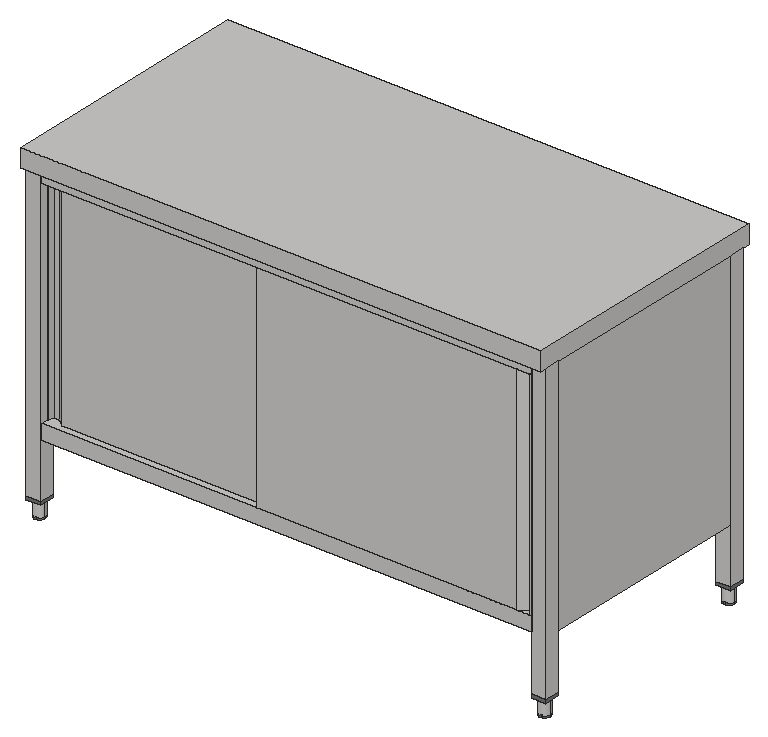
Revit family "QF_ELECTROLUXPROFESSIONAL_134041_GTND1400E", category Attrezzature speciali, Revit 2020
Family settings
  Quota connettore circolare = Usa diametro
  Tipo di parte = Normale
  Basato su piano di lavoro = No
  Sempre verticale = Sì
  Taglio con vuoti quando caricato = No
  Condiviso = No
  Punto di calcolo locali = No
Parameters (values of type "Standard")
  Weight = 78.50 kg
  Watts = 0 W
  Volts = 0 V
  URL Manufacturer = "https://www.electroluxprofessional.com/"
  URL = "https://www.electroluxprofessional.com/"
  Steam Supply Size = 0 mm
  Steam Supply Minimum Pressure = 0.0 Pa
  Steam Supply Maximum Pressure = 0.0 Pa
  Steam Consumption per Hour = 0
  Refrigeration Suction Line Size = 0.0 mm
  Refrigeration Liquid Line Size = 0.0 mm
  Refrigerant Compressor Remote = yes
  Prospetto di default = 0.0 mm
  Phase = 0
  Modello = "GTND1400E"
  Produttore = "Electrolux Professional"
  Length Actual = 1400.0 mm  # constant formula
  Item Number = "134041"
  Hot Water Size = 0 mm
  Height Actual = 900.0 mm  # constant formula
  HP = "0 HP"
  Gas Size = 0 mm
  Gas KW = 0
  Gas Input Pressure = 0 W
  Direct Waste Size = 0 mm
  Descrizione = "PASSTHRU WORKTOP CUPBOARD 1400 MM"
  Depth Actual = 700.0 mm  # constant formula
  Cycle = 0 Hz
  Condensate Return Size = 0 mm
  Compressed Air Volume = 0.0 L/s
  Compressed Air Size = 0 mm
  Compressed Air Pressure = 0.0 Pa
  Cold Water Size = 0 mm
  Accessory = yes
Reference planes
  plane 1 "Center (Front/Back)": y = 0
  plane 2: z = 0
  plane 3 "Center (Left/Right)": x = -200
  plane 4 "LEFT": x = -900
  plane 5 "RIGHT": x = 500
  plane 6 "BACK": y = 350
  plane 7 "FRONT": y = -350
  plane 8 "Base": z = 850
  plane 9 "TOP": z = 900
  plane 10: x = -880
  plane 11: x = 480
  plane 12: y = 310
  plane 13: y = -310
  plane 14 "BodyLeft": x = -900
  plane 15 "BodyFront": y = -330
  plane 16 "BodyRight": x = 500
  plane 17 "BodyBack": y = 330
  plane 18 "FEET": z = 200
  plane 19: x = -120
  plane 20: x = -280
Forms (mm)
  Extrusion 1, solid, material "QF_Finishes_Stainless Steel"
    sketch origin (-200, 0, 0) x (0, 1, 0) y (0, 0, 1)
      loop
        line (-350, 850) -> (350, 850) -> (350, 900) -> (-350, 900) -> (-350, 850)
    from 700 to -700
  Extrusion 2, solid, material "QF_Finishes_Stainless Steel"
    sketch origin (0, 0, 200) x (-1, 0, 0) y (0, -1, 0)
      loop
        line (900, -290) -> (900, 290) -> (860, 290) -> (860, -290) -> (900, -290)
      loop
        line (-460, -290) -> (-460, 290) -> (-500, 290) -> (-500, -290) -> (-460, -290)
    from 0 to 650
  Extrusion 3, solid, material "QF_Finishes_Stainless Steel"
    sketch origin (0, 0, 200) x (-1, 0, 0) y (0, -1, 0)
      loop
        line (860, -330) -> (860, 330) -> (-460, 330) -> (-460, -330) -> (860, -330)
    from 0 to 40
  Extrusion 4, solid, material "QF_Finishes_Stainless Steel"
    sketch origin (0, 0, 200) x (-1, 0, 0) y (0, -1, 0)
      loop
        line (-460, 330) -> (-460, 310) -> (280, 310) -> (280, 330) -> (-420, 330) -> (-440, 315) -> (-455, 315) -> (-455, 330) -> (-460, 330)
    from 40 to 620
  Extrusion 5, solid, material "QF_Finishes_Stainless Steel"
    sketch origin (0, 20, 200) x (1, 0, 0) y (0, 1, 0)
      loop
        line (-860, -330) -> (-855, -330) -> (-855, -315) -> (-840, -315) -> (-820, -330) -> (-120, -330) -> (-120, -310) -> (-860, -310) -> (-860, -330)
    from 40 to 620
  Extrusion 6, solid, material "QF_Finishes_Stainless Steel"
    sketch origin (0, 0, 200) x (-1, 0, 0) y (0, -1, 0)
      loop
        line (860, 290) -> (-460, 290) -> (-460, -290) -> (860, -290) -> (860, 290)
    from 350 to 390
  Extrusion 7, solid, material "QF_Finishes_Stainless Steel"
    sketch origin (0, 0, 200) x (-1, 0, 0) y (0, -1, 0)
      loop
        line (-460, -330) -> (-455, -330) -> (-455, -315) -> (-440, -315) -> (-420, -330) -> (280, -330) -> (280, -310) -> (-460, -310) -> (-460, -330)
    from 40 to 620
  Extrusion 8, solid, material "QF_Finishes_Stainless Steel"
    sketch origin (0, -20, 200) x (1, 0, 0) y (0, 1, 0)
      loop
        line (-860, 330) -> (-860, 310) -> (-120, 310) -> (-120, 330) -> (-820, 330) -> (-840, 315) -> (-855, 315) -> (-855, 330) -> (-860, 330)
    from 40 to 620
  Extrusion 9, solid, material "QF_Finishes_Stainless Steel"
    sketch origin (0, 0, 200) x (-1, 0, 0) y (0, -1, 0)
      loop
        line (860, -330) -> (860, 330) -> (-460, 330) -> (-460, -330) -> (860, -330)
    from 620 to 650
Lines and regions (mm)
  symbolic lines
    curve 1: line (500, 350, 900) -> (-900, 350, 900)
    curve 2: line (-900, 350, 900) -> (-900, -350, 900)
    curve 3: line (-900, -350, 900) -> (500, -350, 900)
    curve 4: line (500, -350, 900) -> (500, 350, 900)
  symbolic lines, style "SpecialityEquipmentHiddenLines"
    curve 5: line (-900, 330, 200) -> (500, 330, 200)
    curve 6: line (-900, -330, 200) -> (-900, 330, 200)
    curve 7: line (500, -330, 200) -> (-900, -330, 200)
    curve 8: line (500, 330, 200) -> (500, -330, 200)
    curve 9: line (-860, -290, 200) -> (-120, -290, 200)
    curve 10: line (-120, -290, 200) -> (-120, -310, 200)
    curve 11: line (-860, -310, 200) -> (460, -310, 200)
    curve 12: line (460, -310, 200) -> (460, -330, 200)
    curve 13: line (-280, -310, 200) -> (-280, -330, 200)
    curve 14: line (-860, -290, 200) -> (-860, -310, 200)
    curve 15: line (-120, 290, 200) -> (-120, 310, 200)
    curve 16: line (-280, 330, 200) -> (-280, 310, 200)
    curve 17: line (460, 310, 200) -> (-860, 310, 200)
    curve 18: line (-120, 290, 200) -> (-860, 290, 200)
    curve 19: line (-860, 290, 200) -> (-860, 310, 200)
    curve 20: line (460, 310, 200) -> (460, 330, 200)
Dimensions and locks
  plane 4 "LEFT" to plane 5 "RIGHT" = 1400.0 mm
  equal spacing: plane 4 "LEFT", plane 3 "Center (Left/Right)", plane 5 "RIGHT"
  locked: plane 8 "Base" to level at 850
  plane 9 "TOP" to level = 900.0 mm
  plane 6 "BACK" to plane 7 "FRONT" = 700.0 mm
  equal spacing: plane 6 "BACK", plane 1 "Center (Front/Back)", plane 7 "FRONT"
  locked: plane 4 "LEFT" to plane 14 "BodyLeft"
  locked: plane 16 "BodyRight" to plane 5 "RIGHT"
  locked: plane 15 "BodyFront" to plane 7 "FRONT" at 20
  locked: plane 6 "BACK" to plane 17 "BodyBack" at 20
  locked: plane 14 "BodyLeft" to plane 10 at 20
  locked: plane 11 to plane 16 "BodyRight" at 20
  locked: plane 13 to plane 15 "BodyFront" at 20
  locked: plane 17 "BodyBack" to plane 12 at 20
  plane 10 to plane 11 = 1360.0 mm
  plane 12 to plane 13 = 620.0 mm
  locked: plane 14 "BodyLeft" to Extrusion 2 sketch curve at 40
  Extrusion 2 sketch curve to Extrusion 2 sketch curve = 40.0 mm
  locked: plane 3 "Center (Left/Right)" to plane 19 at 80
  locked: plane 20 to plane 3 "Center (Left/Right)" at 80
  locked: plane 18 "FEET" to plane 2 at 200
  Extrusion 9 to Extrusion 3 to plane 18 "FEET" = 580.0 mm, 40.0 mm
  aligned and locked: level to plane 2
  aligned and locked: plane 10 to nested 1
  aligned and locked: nested 1 to plane 13
  aligned and locked: plane 11 to nested 2
  aligned and locked: nested 2 to plane 13
  aligned and locked: plane 11 to nested 4
  aligned and locked: nested 4 to plane 12
  aligned and locked: plane 10 to nested 3
  aligned and locked: nested 3 to plane 12
  aligned and locked: Extrusion 1 to plane 4 "LEFT"
  aligned and locked: plane 5 "RIGHT" to Extrusion 1
  aligned and locked: curve 2 to plane 4 "LEFT"
  aligned and locked: Extrusion 2 sketch curve to plane 14 "BodyLeft"
  aligned and locked: plane 16 "BodyRight" to Extrusion 2 sketch curve
  aligned and locked: plane 8 "Base" to Extrusion 2
  aligned and locked: Extrusion 4 to Extrusion 3
  aligned and locked: Extrusion 5 sketch curve to plane 19
  aligned and locked: Extrusion 4 sketch curve to plane 20
  aligned and locked: Extrusion 1 to plane 8 "Base"
  aligned and locked: plane 9 "TOP" to Extrusion 1
  aligned and locked: curve 5 to plane 17 "BodyBack"
  aligned and locked: plane 14 "BodyLeft" to curve 6
  aligned and locked: plane 15 "BodyFront" to curve 7
  aligned and locked: plane 16 "BodyRight" to curve 8
  aligned and locked: Extrusion 3 sketch curve to Extrusion 2  (x2)
  aligned and locked: curve 7 to Extrusion 3 sketch curve
Automatic sketch dimensions
  curve 3 to plane 5 "RIGHT" = 0.0 mm
  curve 3 to plane 7 "FRONT" = 0.0 mm
  curve 2 to plane 6 "BACK" = 0.0 mm
  Extrusion 1 sketch curve to plane 7 "FRONT" = 0.0 mm
  Extrusion 1 sketch curve to plane 6 "BACK" = 0.0 mm
  Extrusion 1 sketch curve to plane 8 "Base" = 0.0 mm
  Extrusion 1 sketch curve to plane 9 "TOP" = 0.0 mm
  Extrusion 2 sketch curve to plane 12 = 20.0 mm  (x2)
  plane 13 to Extrusion 2 sketch curve = 20.0 mm  (x2)
  Extrusion 3 sketch curve to plane 17 "BodyBack" = 0.0 mm
  Extrusion 4 sketch curve to plane 15 "BodyFront" = 0.0 mm  (x2)
  Extrusion 4 sketch curve to plane 13 = 0.0 mm
  Extrusion 4 sketch curve to plane 11 = 60.0 mm
  Extrusion 4 sketch curve to plane 13 = 5.0 mm
  Extrusion 4 sketch curve to Extrusion 4 sketch curve = 20.0 mm
  Extrusion 4 sketch curve to Extrusion 4 sketch curve = 15.0 mm
  Extrusion 4 sketch curve to Extrusion 4 sketch curve = 5.0 mm
  Extrusion 5 sketch curve to plane 13 = 0.0 mm  (x2)
  Extrusion 5 sketch curve to plane 10 = 60.0 mm
  Extrusion 5 sketch curve to plane 13 = 15.0 mm
  Extrusion 5 sketch curve to Extrusion 5 sketch curve = 20.0 mm  (x2)
  Extrusion 5 sketch curve to Extrusion 5 sketch curve = 15.0 mm
  Extrusion 5 sketch curve to Extrusion 5 sketch curve = 5.0 mm
  curve 17 to plane 12 = 0.0 mm
  curve 11 to plane 13 = 0.0 mm
  curve 10 to plane 19 = 0.0 mm
  curve 15 to plane 19 = 0.0 mm
  curve 13 to plane 20 = 0.0 mm
  curve 16 to plane 20 = 0.0 mm
  curve 17 to plane 11 = 20.0 mm
  curve 11 to plane 11 = 20.0 mm
  plane 10 to curve 14 = 20.0 mm
  plane 10 to curve 19 = 20.0 mm
  curve 17 to curve 18 = 20.0 mm
  plane 13 to curve 9 = 20.0 mm
  Extrusion 6 sketch curve to plane 11 = 20.0 mm
  plane 10 to Extrusion 6 sketch curve = 20.0 mm
  Extrusion 6 sketch curve to plane 12 = 20.0 mm
  plane 13 to Extrusion 6 sketch curve = 20.0 mm
  Extrusion 7 sketch curve to plane 17 "BodyBack" = 0.0 mm  (x2)
  Extrusion 7 sketch curve to plane 12 = 0.0 mm
  Extrusion 7 sketch curve to plane 20 = 0.0 mm
  plane 11 to Extrusion 7 sketch curve = 60.0 mm
  Extrusion 7 sketch curve to plane 12 = 5.0 mm
  Extrusion 7 sketch curve to Extrusion 7 sketch curve = 20.0 mm
  Extrusion 7 sketch curve to Extrusion 7 sketch curve = 15.0 mm
  Extrusion 7 sketch curve to Extrusion 7 sketch curve = 5.0 mm
  Extrusion 8 sketch curve to plane 12 = 0.0 mm  (x2)
  Extrusion 8 sketch curve to plane 19 = 0.0 mm
  plane 10 to Extrusion 8 sketch curve = 60.0 mm
  Extrusion 8 sketch curve to plane 12 = 15.0 mm
  Extrusion 8 sketch curve to Extrusion 8 sketch curve = 20.0 mm  (x2)
  Extrusion 8 sketch curve to Extrusion 8 sketch curve = 15.0 mm
  Extrusion 8 sketch curve to Extrusion 8 sketch curve = 5.0 mm
  Extrusion 9 sketch curve to plane 17 "BodyBack" = 0.0 mm
  Extrusion 9 sketch curve to plane 15 "BodyFront" = 0.0 mm
  Extrusion 9 sketch curve to plane 11 = 20.0 mm
  plane 10 to Extrusion 9 sketch curve = 20.0 mm
Nested families
  nested 1: "FEET_40x40_APP50" at (-880, -310, 0), type "FEET_40x40_APP50"
  nested 2: "FEET_40x40_APP50" at (480, -310, 0), type "FEET_40x40_APP50"
  nested 3: "FEET_40x40_APP50" at (-880, 310, 0), type "FEET_40x40_APP50"
  nested 4: "FEET_40x40_APP50" at (480, 310, 0), type "FEET_40x40_APP50"
Definition of nested family "FEET_40x40_APP50"
  Parameters
    Default Elevation = 0.0 mm
    FEET = 850.0 mm
  Reference planes
    plane 1 "Center (Front/Back)": y = 0
    plane 2: z = 0
    plane 3 "Center (Left/Right)": x = 0
    plane 4: z = 850
  Forms (mm)
    Extrusion 1, solid
      sketch origin (0, 0, 0) x (1, 0, 0) y (0, 1, 0)
        loop
          line (-20, -20) -> (20, -20) -> (20, 20) -> (-20, 20) -> (-20, -20)
      from 50 to 850
    Extrusion 2, solid
      sketch origin (0, 0, 0) x (1, 0, 0) y (0, 1, 0)
        loop
          circle (0, 0) r 15
      from 0 to 5
    Extrusion 3, solid
      sketch origin (0, 0, 0) x (1, 0, 0) y (0, 1, 0)
        loop
          line (-20, -20) -> (20, -20) -> (20, 20) -> (-20, 20) -> (-20, -20)
      from 50 to 42
    Extrusion 4, solid
      sketch origin (0, 0, 0) x (1, 0, 0) y (0, 1, 0)
        loop
          circle (0, 0) r 15
      from 5 to 42
  Lines and regions (mm)
    symbolic lines
      curve 1: line (0, -1.503, 0) -> (0, 1.508, 0)
      curve 2: line (1.561, 0, 0) -> (-1.439, 0, 0)
  Dimensions and locks
    "FEET": plane 4 to plane 2
    aligned and locked: level to plane 2
  Automatic sketch dimensions
    plane 1 "Center (Front/Back)" to curve 2 = 0.0 mm
    curve 1 to plane 3 "Center (Left/Right)" = 0.0 mm
    curve 2 to plane 3 "Center (Left/Right)" = 1.439 mm
    plane 3 "Center (Left/Right)" to curve 2 = 1.561 mm
    plane 1 "Center (Front/Back)" to curve 1 = 1.503 mm
    curve 1 to plane 1 "Center (Front/Back)" = 1.508 mm
    Extrusion 1 sketch curve to plane 3 "Center (Left/Right)" = 20.0 mm
    plane 3 "Center (Left/Right)" to Extrusion 1 sketch curve = 20.0 mm
    plane 1 "Center (Front/Back)" to Extrusion 1 sketch curve = 20.0 mm
    Extrusion 1 sketch curve to plane 1 "Center (Front/Back)" = 20.0 mm
    plane 1 "Center (Front/Back)" to Extrusion 2 sketch curve = 0.0 mm
    Extrusion 2 sketch curve to plane 3 "Center (Left/Right)" = 0.0 mm
    Extrusion 3 sketch curve to plane 3 "Center (Left/Right)" = 20.0 mm
    plane 3 "Center (Left/Right)" to Extrusion 3 sketch curve = 20.0 mm
    plane 1 "Center (Front/Back)" to Extrusion 3 sketch curve = 20.0 mm
    Extrusion 3 sketch curve to plane 1 "Center (Front/Back)" = 20.0 mm
    plane 1 "Center (Front/Back)" to Extrusion 4 sketch curve = 0.0 mm
    Extrusion 4 sketch curve to plane 3 "Center (Left/Right)" = 0.0 mm
    radius of Extrusion 2 sketch curve = 15.0 mm
    radius of Extrusion 4 sketch curve = 15.0 mm
